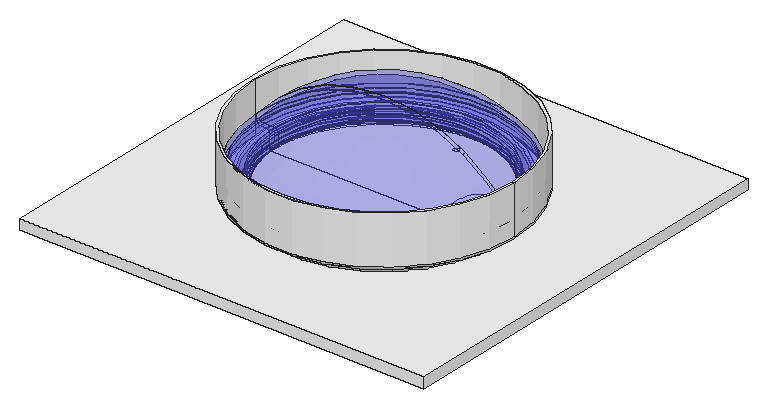
Revit family "BE_51077.1_de_DE", category Leuchten, Revit 2020
Family settings
  Basisbauteil = Fläche
  Bemaßung runder Anschluss = Durchmesser verwenden
  Teiletyp = Normal
  Beim Laden mit Abzugskörper schneiden = Ja
  Lichtquelle = Ja
  Gemeinsam genutzt = Nein
  Raumberechnungspunkt = Ja
Parameters (values of type "BEGA_51077.1_K3")
  built-in parameter 1150104 = 13.816 (stored number, unit not read)
  Wattage = 11.6 W
  Default Elevation = 0 mm
  built-in parameter 1150113 = 1 (stored number, unit not read)
  built-in parameter 1114218 = 1 (stored number, unit not read)
  Umgebungstemperatur = "25 °C"
  URL = "https://www.bega.com/de/produkt/51077.1"
  Typenkommentare = "© 2022 BEGA. Wir behalten uns das Recht vor, technische Änderungen ohne vorherige Ankündigung vorzunehmen."  # constant formula
  built-in parameter 1150134 = (empty or 0)
  built-in parameter 1150109 = 1 (stored number, unit not read)
  Strom = ""
  built-in parameter 1150110 = 1 (stored number, unit not read)
  Spannung = 239.996 V
  Sonderanfertigung = no
  Seriennummer [instance] = "Hier können Sie die eindeutige Seriennummer für das Facility Management eintragen."
  Schutzklasse = "I"
  Schutzart = "IP 20"
  Scheinlast = 0 VA
  Produktdatenblatt = "https://cdn.bega.com/bega/products/51077.1K3/current/documents/data-sheets/de"
  Oberflächentemperatur = ""
  Neigungswinkel = 0.00°
  Modell = "51077.1K3"
  Material_34 = BEGA_Oberfläche_Samtweiss_matt
  Material_14 = BEGA_Kunststoff_opal
  M_W = no
  M_G = no
  M_A = no
  Logo = 0
  built-in parameter 1114217 = 1 (stored number, unit not read)
  built-in parameter 1150139 = (empty or 0)
  built-in parameter 1150105 = 137.27 (stored number, unit not read)
  built-in parameter 1150114 = 1 (stored number, unit not read)
  Lumens = 1725.04 lm
  built-in parameter 1150115 = 1 (stored number, unit not read)
  Leuchtenlichtstrom = "1224 lm"
  Leuchtenanzahl = ""
  Lebensdauerkriterien = "L70B50 @ 25 °C = 131000 h"
  Lastklassifizierung = Beleuchtung
  built-in parameter 1150112 = 1 (stored number, unit not read)
  Lampenlichtstrom = "1725 lm"
  Lampe = "LED 11.6 W"
  LED_Modulbezeichnung = "LED-0509/930"
  Hersteller = "BEGA"  # constant formula
  Halbstreuwinkel = ""
  Gewicht = "1.25 kg"
  Gebrauchslageneinschränkung [instance] = ""
  Frequenz = "50-60 Hz"
  Farbwiedergabeindex = "CRI > 90"
  Farbtemperaturverschiebung bei Dämpfen der Lampe = <Keine Auswahl>
  Farbtemperatur = "3000 K"
  Color Filter = 16777215
  built-in parameter 1150133 = 10 (stored number, unit not read)
  Energieeffizienzklasse = "LED A++ - A"
  built-in parameter 1150137 = (empty or 0)
  built-in parameter 1150132 = (empty or 0)
  ENEC = ""
  Dimmbar [instance] = "on/off"
  Datei für fotometrisches Netz = "BE_51077-1K3.ies"
  CE_Konformität = "ja"
  Bestellnummer = "51077.1K3"
  Beschreibung_Sonderanfertigung = "Hier können Sie Informationen zur Sonderanfertigung eintragen."
  Beschreibung = "Deckenleuchte"
  built-in parameter 1150106 = 1.3727 (stored number, unit not read)
  Befestigungsbohrung = "Ø 5,5 mm"
  Befestigungsabstand = "180 mm"
  Ballwurfsicher = ""
  BEGA_Intern_aus = yes
  BEGA_Intern_an = yes
  BEGA_Intern_Konstruktion = yes
  BEGA_Intern = yes
  BEGA_IES = yes
  BEGA_Dummy = no
  Anschlussleitung = ""
  Anschlussleistung [instance] = "15.5 W"
  Anschlusskasten = ""
  built-in parameter 1150107 = 3000 (stored number, unit not read)
  built-in parameter 1150102 = (empty or 0)
  built-in parameter 1150138 = (empty or 0)
  Aktualisierung = "2022-10-31T04:00:05"
  Abstand_zur_angestrahlten_Fläche [instance] = ""
  AC/DC = "AC"
Reference planes
  plane 1 "Mitte (Vorne/Hinten)": y = 0
  plane 2: z = 0
  plane 3 "Mitte (Links/Rechts)": x = 0
  plane 4 "Links": x = -129.868
  plane 5 "Rechts": x = 129.868
  plane 6 "Unten": y = -129.868
  plane 7 "Oben": y = 129.868
  plane 8 "Vorne": z = 91
  plane 9 "Hinten": z = 0
Forms (mm)
  Extrusion 1, solid, material "BEGA_Platte_Weiss"
    sketch origin (0, -1119.2, 0) x (1, 0, 0) y (0, 1, 0)
      loop
        line (-200, 1319.2) -> (-200, 919.2) -> (200, 919.2) -> (200, 1319.2) -> (-200, 1319.2)
    from 0 to -10
  Extrusion 2, solid, material "BEGA_Dummy_matt", visible <- "BEGA_Dummy"
    sketch origin (77.149, -76.023, 0) x (1, 0, 0) y (0, 1, 0)
      loop
        circle (-77.149, 76.023) r 130
    from 0 to 91
Dimensions and locks
  plane 1 "Mitte (Vorne/Hinten)" to Extrusion 1 = 200 mm
  aligned and locked: Extrusion 1 to plane 2
  aligned and locked: Extrusion 1 to level
Nested families
  nested 1: "BE_51077.1_Leuchte" at (0, 0, 0), type "BE_51077.1_Leuchte"
Connectors
  electrical at (0, 0, 0), driven by "Lastklassifizierung", driven by "Spannung", driven by "Scheinlast"
    settings: index 1, voltage 239.996 V, apparent load 0 VA, apparent load phase1 0 VA, apparent load phase2 0 VA, apparent load phase3 0 VA, power factor 1, load classification "Beleuchtung", number of poles 1, system type 31, power factor state 1, is connector primary yes, connector utility no, sub classification motor no, connector description ""
Definition of nested family "BE_51077.1_Leuchte"
  Parameters (values of type "BE_51077.1_Leuchte")
    Default Elevation = 1 mm
    URL = "http://www.bega.de/de/produkt"
    Type Comments = "© 2015 BEGA. Wir behalten uns das Recht vor, technische Änderungen ohne vorherige Ankündigung vorzunehmen. "  # constant formula
    Type Image = (empty or 0)
    Material_34 = none
    Material_14 = none
    Länge_Platte = 200 mm  # constant formula
    Höhe_Platte = -10 mm  # constant formula
    Manufacturer = "BEGA"  # constant formula
    Breite_Platte = 200 mm  # constant formula
  Reference planes
    plane 1 "Mitte (Oben/Unten)": y = 0
    plane 2: z = 0
    plane 3 "Mitte (Links/Rechts)": x = 0
    plane 4: z = 91
    plane 5: z = 0
    plane 6: x = 129.868
    plane 7: x = -129.868
    plane 8: y = 129.868
    plane 9: y = -129.868
  Forms (mm)
    Extrusion 1, solid, detail levels medium
      sketch origin (0, 0, 0) x (1, 0, 0) y (0, 1, 0)
        loop
          line (-100, 100) -> (-100, -100) -> (100, -100) -> (100, 100) -> (-100, 100)
      from 0 to -10 <- "Höhe_Platte"
    Revolve 2, solid, material <- "Material_34"
      sketch origin (0, 0, 0) x (1, 0, 0) y (0, 0, 1)
        loop
          line (127.868, 60) -> (127.7, 11.998)
          arc (127.7, 11.998) -> (127.553, 11.646) -> (127.2, 11.5) r 0.5
          line (127.2, 11.5) -> (116.913, 11.5)
          arc (116.913, 11.5) -> (115.301, 10.841) -> (114.618, 9.239) r 2.292
          line (114.618, 9.239) -> (114.491, 2) -> (110.5, 2) -> (110.5, 0) -> (114, 0)
          arc (114, 0) -> (115.752, 0.717) -> (116.5, 2.456) r 2.5
          line (116.5, 2.456) -> (116.623, 9.5) -> (127.2, 9.5)
          arc (127.2, 9.5) -> (128.962, 10.226) -> (129.7, 11.983) r 2.5
          line (129.7, 11.983) -> (129.868, 60) -> (127.868, 60)
        axis (0, 0) -> (0, 60)
      angle from 0 to 360
    Revolve 3, solid, material <- "Material_34"
      sketch origin (0, 0, 0) x (1, 0, 0) y (0, 0, 1)
        loop
          line (117.5, 21) -> (115.331, 21)
          arc (115.331, 21) -> (114.063, 20.484) -> (113.524, 19.225) r 1.8
          line (113.524, 19.225) -> (113.276, 4.974)
          arc (113.276, 4.974) -> (112.827, 3.93) -> (111.776, 3.5) r 1.5
          line (111.776, 3.5) -> (0, 3.5) -> (0, 2.5) -> (111.776, 2.5)
          arc (111.776, 2.5) -> (113.528, 3.217) -> (114.276, 4.956) r 2.5
          line (114.276, 4.956) -> (114.524, 19.21)
          arc (114.524, 19.21) -> (114.764, 19.771) -> (115.329, 20) r 0.8
          line (115.329, 20) -> (117.5, 20) -> (117.5, 21)
        axis (0, 2.5) -> (0, 21)
      angle from 0 to 360
    Extrusion 4, solid, material <- "Material_34"
      sketch origin (0, 0, 0) x (1, 0, 0) y (0, 1, 0)
        loop
          circle (0, 90) r 7.599
        loop
          circle (0, -90) r 7.599
      from 0 to 2.496
    Extrusion 5, void
      sketch origin (0, 0, 0) x (1, 0, 0) y (0, 1, 0)
        loop
          circle (0, 90) r 2.75
        loop
          circle (0, -90) r 2.75
      from 0 to 3.5
    Extrusion 6, solid, material <- "Material_34"
      sketch origin (0, 0, 0) x (1, 0, 0) y (0, 1, 0)
        loop
          arc (92.587, 31.064) -> (71.425, 43.824) -> (55.422, 24.995) r 19.078
          line (55.422, 24.995) -> (55.422, -25.013)
          arc (55.422, -25.013) -> (71.431, -43.83) -> (92.586, -31.07) r 19.078
          arc (92.586, -31.07) -> (97.66, -0.003) -> (92.587, 31.064) r 97.659
      from 0 to 8
    Extrusion 7, void
      sketch origin (0, 0, 0) x (1, 0, 0) y (0, 1, 0)
        loop
          circle (80, 15) r 5
        loop
          circle (80, -15) r 5
      from 0 to 8
    Revolve 8, solid, material <- "Material_14"
      sketch origin (0, 0, 0) x (1, 0, 0) y (0, 0, 1)
        loop
          line (0, 91) -> (0, 87.2)
          arc (0, 87.2) -> (67.014, 72.201) -> (121.239, 30.064) r 157.2
          arc (121.239, 30.064) -> (122.17, 27.888) -> (121.777, 25.553) r 4.2
          line (121.777, 25.553) -> (107.491, 24.803)
          arc (107.491, 24.803) -> (104.799, 23.562) -> (103.7, 20.809) r 4
          line (103.7, 20.809) -> (103.7, 17) -> (103.7, 11.774)
          arc (103.7, 11.774) -> (104.098, 10.28) -> (105.186, 9.182) r 3.003
          line (105.186, 9.182) -> (107.458, 7.87)
          arc (107.458, 7.87) -> (108.492, 6.868) -> (108.941, 5.5) r 3.003
          line (108.941, 5.5) -> (112.75, 5.5) -> (112.75, 8.743)
          arc (112.75, 8.743) -> (112.644, 9.141) -> (112.354, 9.434) r 0.801
          line (112.354, 9.434) -> (108, 11.947)
          arc (108, 11.947) -> (107.634, 12.314) -> (107.5, 12.814) r 1.001
          line (107.5, 12.814) -> (107.5, 17) -> (107.5, 20.051)
          arc (107.5, 20.051) -> (107.774, 20.739) -> (108.446, 21.05) r 1
          line (108.446, 21.05) -> (121.856, 21.752)
          arc (121.856, 21.752) -> (123.904, 22.445) -> (125.293, 24.103) r 4
          arc (125.293, 24.103) -> (125.93, 28.446) -> (124.179, 32.472) r 8
          arc (124.179, 32.472) -> (68.64, 75.635) -> (0, 91) r 161
        axis (0, 5.5) -> (0, 91)
      angle from 0 to 360
  Cuts and joins
    Extrusion 5, Extrusion 7 cuts Revolve 3
    Extrusion 5, Extrusion 7 cuts Extrusion 4
    Extrusion 7 cuts Extrusion 6
    joined: Revolve 3, Extrusion 4, Extrusion 6
  Dimensions and locks
    equal spacing: Extrusion 1 sketch curve, plane 3 "Mitte (Links/Rechts)", Extrusion 1 sketch curve
    equal spacing: Extrusion 1 sketch curve, plane 1 "Mitte (Oben/Unten)", Extrusion 1 sketch curve
    "Länge_Platte": Extrusion 1 sketch curve to Extrusion 1 sketch curve
    "Breite_Platte": Extrusion 1 sketch curve to Extrusion 1 sketch curve
    plane 1 "Mitte (Oben/Unten)" to Extrusion 1 = 100 mm  (x3)
    aligned and locked: plane 2 to Extrusion 1
    aligned and locked: level to Extrusion 1
  Automatic sketch dimensions
    Revolve 2 sketch curve to Revolve 2 sketch curve = 0.168 mm
    level to Revolve 2 sketch curve = 11.983 mm
    Revolve 2 sketch curve to Revolve 2 sketch curve = 2 mm  (x3)
    level to Revolve 2 sketch curve = 60 mm
    Revolve 2 sketch curve to Revolve 2 sketch curve = 0.5 mm  (x3)
    Revolve 2 sketch curve to Revolve 2 sketch curve = 0.002 mm
    Revolve 2 sketch curve to Revolve 2 sketch curve = 0 mm  (x6)
    Revolve 2 sketch curve to Revolve 2 sketch curve = 10.577 mm
    Revolve 2 sketch curve to Revolve 2 sketch curve = 0.29 mm
    Revolve 2 sketch curve to Revolve 2 sketch curve = 0.287 mm
    Revolve 2 sketch curve to Revolve 2 sketch curve = 0.292 mm
    level to Revolve 2 sketch curve = 9.5 mm
    level to Revolve 2 sketch curve = 2.456 mm
    Revolve 2 sketch curve to Revolve 2 sketch curve = 0.123 mm
    Revolve 2 sketch curve to Revolve 2 sketch curve = 2.005 mm
    level to Revolve 2 sketch curve = 2 mm
    Revolve 2 sketch curve to Revolve 2 sketch curve = 2.008 mm
    Revolve 2 sketch curve to Revolve 2 sketch curve = 0.491 mm
    Revolve 2 sketch curve to Revolve 2 sketch curve = 3.5 mm
    level to Revolve 2 sketch curve = 0 mm
    plane 3 "Mitte (Links/Rechts)" to Revolve 2 sketch curve = 110.5 mm
    Revolve 2 sketch curve to Revolve 2 sketch curve = 15.7 mm
    Revolve 2 sketch curve to level = 0 mm
    level to Revolve 3 sketch curve = 21 mm
    Revolve 3 sketch curve to Revolve 3 sketch curve = 2.169 mm
    Revolve 3 sketch curve to Revolve 3 sketch curve = 1 mm  (x4)
    Revolve 3 sketch curve to Revolve 3 sketch curve = 0.002 mm
    Revolve 3 sketch curve to Revolve 3 sketch curve = 0.004 mm
    Revolve 3 sketch curve to Revolve 3 sketch curve = 0.8 mm  (x2)
    Revolve 3 sketch curve to Revolve 3 sketch curve = 0 mm  (x12)
    level to Revolve 3 sketch curve = 4.956 mm
    Revolve 3 sketch curve to Revolve 3 sketch curve = 0.249 mm
    level to Revolve 3 sketch curve = 4.974 mm
    Revolve 3 sketch curve to plane 3 "Mitte (Links/Rechts)" = 0 mm
    Revolve 3 sketch curve to Revolve 3 sketch curve = 1.5 mm
    Revolve 3 sketch curve to Revolve 3 sketch curve = 0.026 mm
    Revolve 3 sketch curve to Revolve 3 sketch curve = 111.776 mm
    level to Revolve 3 sketch curve = 2.5 mm
    Extrusion 4 sketch curve to plane 3 "Mitte (Links/Rechts)" = 0 mm  (x2)
    plane 1 "Mitte (Oben/Unten)" to Extrusion 4 sketch curve = 90 mm
    Extrusion 4 sketch curve to plane 1 "Mitte (Oben/Unten)" = 90 mm
    plane 1 "Mitte (Oben/Unten)" to Extrusion 6 sketch curve = 0.002 mm
    plane 3 "Mitte (Links/Rechts)" to Extrusion 6 sketch curve = 0.001 mm
    Extrusion 6 sketch curve to plane 1 "Mitte (Oben/Unten)" = 24.995 mm
    Extrusion 6 sketch curve to Extrusion 6 sketch curve = 18.086 mm  (x2)
    Extrusion 6 sketch curve to Extrusion 6 sketch curve = 0 mm
    Extrusion 6 sketch curve to Extrusion 6 sketch curve = 19.078 mm
    Extrusion 6 sketch curve to Extrusion 6 sketch curve = 0.012 mm
    Extrusion 6 sketch curve to Extrusion 6 sketch curve = 50.009 mm
    Revolve 8 sketch curve to plane 3 "Mitte (Links/Rechts)" = 0 mm  (x3)
    plane 3 "Mitte (Links/Rechts)" to Revolve 8 sketch curve = 0 mm
    plane 3 "Mitte (Links/Rechts)" to Revolve 8 sketch curve = 118 mm
    Revolve 8 sketch curve to level = 70 mm
    Revolve 8 sketch curve to Revolve 8 sketch curve = 0 mm  (x15)
    level to Revolve 8 sketch curve = 87.2 mm
    Revolve 8 sketch curve to Revolve 8 sketch curve = 3.239 mm
    Revolve 8 sketch curve to Revolve 8 sketch curve = 2.94 mm
    Revolve 8 sketch curve to Revolve 8 sketch curve = 4.054 mm
    Revolve 8 sketch curve to Revolve 8 sketch curve = 5.962 mm
    level to Revolve 8 sketch curve = 21.05 mm
    Revolve 8 sketch curve to Revolve 8 sketch curve = 9.554 mm
    Revolve 8 sketch curve to Revolve 8 sketch curve = 0.054 mm
    Revolve 8 sketch curve to Revolve 8 sketch curve = 3.647 mm
    Revolve 8 sketch curve to Revolve 8 sketch curve = 0.999 mm
    Revolve 8 sketch curve to Revolve 8 sketch curve = 1.644 mm
    Revolve 8 sketch curve to Revolve 8 sketch curve = 0.209 mm
    level to Revolve 8 sketch curve = 21.752 mm
    Revolve 8 sketch curve to Revolve 8 sketch curve = 3.051 mm
    Revolve 8 sketch curve to Revolve 8 sketch curve = 4.186 mm
    Revolve 8 sketch curve to Revolve 8 sketch curve = 1.001 mm
    Revolve 8 sketch curve to Revolve 8 sketch curve = 3.448 mm
    level to Revolve 8 sketch curve = 9.434 mm
    Revolve 8 sketch curve to Revolve 8 sketch curve = 0.405 mm
    Revolve 8 sketch curve to Revolve 8 sketch curve = 0.691 mm
    level to Revolve 8 sketch curve = 11.947 mm
    Revolve 8 sketch curve to Revolve 8 sketch curve = 0.5 mm
    Revolve 8 sketch curve to Revolve 8 sketch curve = 0.396 mm
    Revolve 8 sketch curve to Revolve 8 sketch curve = 3.243 mm
    Revolve 8 sketch curve to Revolve 8 sketch curve = 3.809 mm  (x2)
    Revolve 8 sketch curve to Revolve 8 sketch curve = 2.994 mm
    Revolve 8 sketch curve to Revolve 8 sketch curve = 0.225 mm
    Revolve 8 sketch curve to Revolve 8 sketch curve = 1.483 mm
    level to Revolve 8 sketch curve = 9.182 mm
    Revolve 8 sketch curve to Revolve 8 sketch curve = 2.272 mm
    Revolve 8 sketch curve to Revolve 8 sketch curve = 1.298 mm
    Revolve 8 sketch curve to Revolve 8 sketch curve = 0.174 mm
    Revolve 8 sketch curve to Revolve 8 sketch curve = 1.486 mm
    level to Revolve 8 sketch curve = 17 mm
    Revolve 8 sketch curve to Revolve 8 sketch curve = 3.8 mm
    level to Revolve 8 sketch curve = 11.774 mm
    Revolve 8 sketch curve to Revolve 8 sketch curve = 0.746 mm
    Revolve 8 sketch curve to Revolve 8 sketch curve = 0.955 mm
    level to Revolve 8 sketch curve = 24.805 mm
    level to Revolve 8 sketch curve = 25.553 mm
    Revolve 8 sketch curve to Revolve 8 sketch curve = 0.13 mm
    Revolve 8 sketch curve to Revolve 8 sketch curve = 0.193 mm
    Revolve 8 sketch curve to Revolve 8 sketch curve = 539.6 mm
    Revolve 8 sketch curve to Revolve 8 sketch curve = 2518.058 mm
    radius of Extrusion 4 sketch curve = 7.599 mm  (x2)
